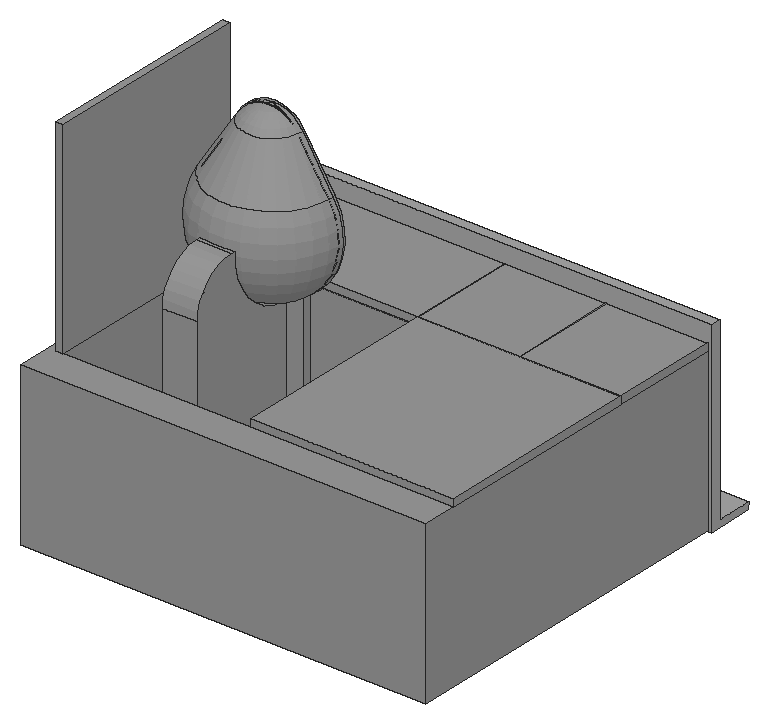
Revit family "Modular_Patient_Care_Unit-Willoughby-Patient_Care_Unit-WH-1750-L-SWO", category Plumbing Fixtures, Revit 2015
Parameters (values of type "Standard")
  Waste RAD [instance] = Waste DIA / 2  # 1 1/4"
  Waste DIA [instance] = 2 1/2"
  Waste Connection = yes
  Vent Connection = no
  URL = "https://www.willoughby-ind.com/wp-content/uploads/2018/01/WH-1750.pdf"
  Type Comments = ""
  Solid Polymer Finish [instance] = Polyethylene, High Density
  Stainless Steel = Stainless Steel AISI 304-Willoughby
  Revision = "A"
  Model = "WH-1750-L-SWO"
  Manufacturer = "Willoughby Industries"
  Lav Inlets RAD [instance] = Lav Inlets DIA / 2  # 1/4"
  Lav Inlets DIA [instance] = 1/2"
  Lav Drain DIA [instance] = 1"
  Lav Drain = "Waste"
  Lav DR-RAD [instance] = Lav Drain DIA / 2  # 1/2"
  HW Connection = yes
  Flush inlet RAD [instance] = Flush inlet DIA / 2  # 1/2"
  Flush inlet DIA [instance] = 1"
  Dialysis Drain DIA [instance] = 1 1/2"
  Dialysis Drain = yes
  Dialysis Box Inlets DIA [instance] = 1/2"
  Description = "Patient Care Unit"
  Default Elevation = 0' - 0"
  DB-RAD [instance] = Dialysis Box Inlets DIA / 2  # 1/4"
  D-Drain RAD [instance] = Dialysis Drain DIA / 2  # 3/4"
  Contact Number = "(800) 428-4065"
  CW Connection = yes
  Bed Pan Inlet RAD [instance] = Bed Pan Inlet DIA / 2  # 1/4"
  Bed Pan Inlet DIA [instance] = 1/2"
  Aquasurf Solid Surface = Solid Surface Acrylic Resin-Willoughby
Reference planes (in)
  plane 1 "Base": y = -16.25
  plane 2: z = 0
  plane 3 "SanitaryDischargeCenter": x = 18.31072
  plane 4: y = 23.75
  plane 5: z = 36.625
  plane 6: y = 0.72968
  plane 7 "Waste": y = -11
  plane 8 "D-HGT": y = 17.5
  plane 9 "Flush Inlet": y = 10.25
  plane 10 "D-Drain HT": y = 4.875
  plane 11 "Bed Pan Inlet": y = 10.8125
  plane 12: y = 9.25
  plane 13: y = 7
  plane 14 "Centerline": x = 26.99822
  plane 15: x = 24.49822
  plane 16: x = 20.49822
  plane 17: x = 14.74822
  plane 18: x = 43.87322
  plane 19: x = 42.68572
  plane 20: x = 39.81072
  plane 21: x = 36.31072
  plane 22: x = 5.81072
  plane 23: x = 27.06072
Forms (in)
  Extrusion 1, solid, material "Stainless Steel AISI 304-Willoughby" <- "Stainless Steel"
    sketch origin (16.08109, 9.45936, 3.7328) x (-1, 0, 0) y (0, 0, -1)
      loop
        line (1.29775, -16.80087) -> (1.29775, 0.9078) -> (-5.72963, 0.9078) -> (-5.72963, -16.81676)
        arc (-5.72963, -16.81676) -> (-8.98136, -21.11843) -> (-8.21015, -26.45542) r 7
        line (-8.21015, -26.45542) -> (-5.16818, -31.31054)
        arc (-5.16818, -31.31054) -> (-2.20225, -32.95225) -> (0.76368, -31.31054) r 3.5
        line (0.76368, -31.31054) -> (3.80565, -26.45542)
        arc (3.80565, -26.45542) -> (4.5729, -21.10311) -> (1.29775, -16.80087) r 7
      loop
        arc (2.03989, -24.70557) -> (-2.20225, -18.23804) -> (-6.44438, -24.70557) r 4.625
        line (-6.44438, -24.70557) -> (-4.04125, -30.23842)
        arc (-4.04125, -30.23842) -> (-2.20225, -31.45225) -> (-0.36324, -30.23842) r 2
        line (-0.36324, -30.23842) -> (2.03989, -24.70557)
    from 8.72968 to 9.47968
  Revolve 2, solid, material "Stainless Steel AISI 304-Willoughby" <- "Stainless Steel"
    sketch origin (19.37246, 0.45936, 6.93674) x (-1, 0, 0) y (0, 0, -1)
      loop
        line (1.06174, -12.65916) -> (1.06174, -12.84906)
        arc (1.06174, -12.84906) -> (6.96784, -16.33096) -> (6.78077, -23.18447) r 6.75
        line (6.78077, -23.18447) -> (3.81535, -27.91457)
        arc (3.81535, -27.91457) -> (2.63527, -29.03194) -> (1.06174, -29.43826) r 3.25
        line (1.06174, -29.43826) -> (1.06174, -29.74821)
        arc (1.06174, -29.74821) -> (2.77212, -29.31711) -> (4.05505, -28.10661) r 3.5
        line (4.05505, -28.10661) -> (7.09702, -23.25148)
        arc (7.09702, -23.25148) -> (7.17114, -16.1937) -> (1.06174, -12.65916) r 7
      axis (1.06174, -12.65916) -> (1.06174, -29.74821)
    angle from 0 to -180
  Extrusion 3, solid, material "Stainless Steel AISI 304-Willoughby" <- "Stainless Steel"
    sketch origin (19.53334, -1.02032, 5.9242) x (0, 1, 0) y (0, 0, 1)
      loop
        line (-5.48285, -3.0992) -> (1, -3.0992) -> (1, 13.76086)
        arc (1, 13.76086) -> (-3.3273, 15.60087) -> (-5.48285, 19.77995) r 6.92744
        line (-5.48285, 19.77995) -> (-5.48285, -3.0992)
    from 0.52738 to -2.97262
  Extrusion 4, solid, material "Stainless Steel AISI 304-Willoughby" <- "Stainless Steel"
    sketch origin (17.03334, 29.33792, 6.56919) x (0, 1, 0) y (0, 0, 1)
      loop
        line (-35.84109, -3.74419) -> (-35.84109, 20.30581) -> (-36.18717, 20.30581)
        arc (-36.18717, 20.30581) -> (-39.21058, 19.05347) -> (-40.46292, 16.03006) r 4.27575
        line (-40.46292, 16.03006) -> (-40.46292, -3.74419) -> (-35.84109, -3.74419)
    from -0.47262 to 3.02738
  Extrusion 5, solid, material "Solid Surface Acrylic Resin-Willoughby" <- "Aquasurf Solid Surface"
    sketch origin (36.62144, -16.25, 0) x (-1, 0, 0) y (0, 0, -1)
      loop
        line (30.81072, -0.75) -> (30.81072, 0) -> (-10.68928, 0) -> (-10.68928, -0.75) -> (30.81072, -0.75)
    from -40 to -35.375
  Extrusion 6, solid, material "Solid Surface Acrylic Resin-Willoughby" <- "Aquasurf Solid Surface"
    sketch origin (38.74644, -16.25, 0) x (-1, 0, 0) y (0, 0, -1)
      loop
        line (32.93572, 0) -> (-8.56428, 0) -> (-8.56428, -18.625) -> (32.93572, -18.625) -> (32.93572, 0)
    from -36.375 to -35.375
  Extrusion 7, solid, material "Stainless Steel AISI 304-Willoughby" <- "Stainless Steel"
    sketch origin (36.62144, -16.125, 0) x (-1, 0, 0) y (0, 0, -1)
      loop
        line (30.31072, 0) -> (-10.31428, 0) -> (-10.31428, -16.125) -> (30.31072, -16.125) -> (30.31072, 0)
    from -35.25 to 0
  Extrusion 8, void, detail levels fine
    sketch origin (36.62144, -16.25, 0) x (-1, 0, 0) y (0, 0, -1)
      loop
        line (29.56072, -16.125) -> (29.56072, -2.825) -> (-7.43928, -2.825) -> (-7.43928, -16.125) -> (29.56072, -16.125)
    from -3.625 to -24.5
  Extrusion 9, solid, material "Polyethylene, High Density" <- "Solid Polymer Finish"
    sketch origin (36.62144, -16.25, 0) x (-1, 0, 0) y (0, 0, -1)
      loop
        line (9.99822, -16.125) -> (-10.31428, -16.125) -> (-10.31428, -16.875) -> (9.99822, -16.875) -> (9.99822, -16.125)
    from -3.625 to -24.5
  Extrusion 10, solid, material "Polyethylene, High Density" <- "Solid Polymer Finish"
    sketch origin (36.62144, 4.625, 0) x (-1, 0, 0) y (0, 0, -1)
      loop
        line (-0.15803, -16.125) -> (-10.31428, -16.125) -> (-10.31428, -16.875) -> (-0.15803, -16.875) -> (-0.15803, -16.125)
    from -3.625 to -14.5
  Extrusion 11, solid, material "Polyethylene, High Density" <- "Solid Polymer Finish"
    sketch origin (9.71531, 4.625, 0) x (-1, 0, 0) y (0, 0, -1)
      loop
        line (3.4046, -16.125) -> (-16.9079, -16.125) -> (-16.9079, -16.875) -> (3.4046, -16.875) -> (3.4046, -16.125)
    from -3.625 to -14.5
  Extrusion 12, solid, material "Polyethylene, High Density" <- "Solid Polymer Finish"
    sketch origin (23.43419, 4.625, 0) x (-1, 0, 0) y (0, 0, -1)
      loop
        line (-3.18903, -16.125) -> (-13.34528, -16.125) -> (-13.34528, -16.875) -> (-3.18903, -16.875) -> (-3.18903, -16.125)
    from -3.625 to -14.5
  Extrusion 13, solid, material "Polyethylene, High Density" <- "Solid Polymer Finish"
    sketch origin (23.93572, -16.25, 26.12322) x (0, 0, -1) y (1, 0, 0)
      loop
        line (9.99822, -16.125) -> (-10.50178, -16.125) -> (-10.50178, -16.875) -> (9.99822, -16.875) -> (9.99822, -16.125)
    from -3.625 to -24.5
  Extrusion 14, void, detail levels fine
    sketch origin (36.62144, 19.75, 0) x (-1, 0, 0) y (0, 0, -1)
      loop
        arc (5.56072, -14.67585) -> (6.97493, -14.09007) -> (7.56072, -12.67585) r 2
        line (7.56072, -12.67585) -> (7.56072, -5.30085)
        arc (7.56072, -5.30085) -> (6.97493, -3.88664) -> (5.56072, -3.30085) r 2
        line (5.56072, -3.30085) -> (-4.68928, -3.30085)
        arc (-4.68928, -3.30085) -> (-6.10349, -3.88664) -> (-6.68928, -5.30085) r 2
        line (-6.68928, -5.30085) -> (-6.68928, -12.67585)
        arc (-6.68928, -12.67585) -> (-6.10349, -14.09007) -> (-4.68928, -14.67585) r 2
        line (-4.68928, -14.67585) -> (5.56072, -14.67585)
    from -0.375 to 8
  Extrusion 15, solid, material "Stainless Steel AISI 304-Willoughby" <- "Stainless Steel"
    sketch origin (36.62144, 0, 0) x (-1, 0, 0) y (0, -1, 0)
      loop
        circle (18.31072, 11) r 1.25
    from 0 to 2.825
  Extrusion 16, solid, material "Stainless Steel AISI 304-Willoughby" <- "Stainless Steel"
    sketch origin (38.20446, 1.46689, 0) x (-1, 0, 0) y (0, -1, 0)
      loop
        circle (13.70624, -16.03311) r 0.25
    from 0 to 0.486
  Extrusion 17, solid, material "Stainless Steel AISI 304-Willoughby" <- "Stainless Steel"
    sketch origin (33.77303, 1.29431, 0) x (-1, 0, 0) y (0, -1, 0)
      loop
        circle (13.27481, -16.20569) r 0.25
    from 0 to 0.486
  Extrusion 18, solid, material "Stainless Steel AISI 304-Willoughby" <- "Stainless Steel"
    sketch origin (37.05894, 0, 0) x (-1, 0, 0) y (0, -1, 0)
      loop
        circle (9.99822, -10.25) r 0.5
    from 0 to 1
  Extrusion 19, solid, material "Stainless Steel AISI 304-Willoughby" <- "Stainless Steel"
    sketch origin (36.99644, 0, 0) x (-1, 0, 0) y (0, -1, 0)
      loop
        circle (22.24822, -4.875) r 0.75
    from 0 to 1
  Extrusion 20, solid, material "Stainless Steel AISI 304-Willoughby" <- "Stainless Steel"
    sketch origin (36.99644, 0, 0) x (-1, 0, 0) y (0, -1, 0)
      loop
        circle (-6.87678, -10.8125) r 0.25
    from 0 to 1
  Extrusion 21, solid, material "Stainless Steel AISI 304-Willoughby" <- "Stainless Steel"
    sketch origin (36.99644, 0, 0) x (-1, 0, 0) y (0, -1, 0)
      loop
        circle (-5.68928, -9.25) r 0.25
    from 0 to 1
  Extrusion 22, solid, material "Stainless Steel AISI 304-Willoughby" <- "Stainless Steel"
    sketch origin (36.99644, 0, 0) x (-1, 0, 0) y (0, -1, 0)
      loop
        circle (-2.81428, -9.25) r 0.25
    from 0 to 1
  Extrusion 23, solid, material "Stainless Steel AISI 304-Willoughby" <- "Stainless Steel"
    sketch origin (36.99644, 0, 0) x (-1, 0, 0) y (0, -1, 0)
      loop
        circle (0.68572, -7) r 0.5
    from 0 to 1
Cuts and joins
  Extrusion 8 cuts Extrusion 9
  Extrusion 8 cuts Extrusion 10
  Extrusion 8 cuts Extrusion 11
  Extrusion 8 cuts Extrusion 12
  Extrusion 8 cuts Extrusion 13
  Extrusion 8 cuts Extrusion 15
  Extrusion 14 cuts Extrusion 6
  joined: Extrusion 5, Extrusion 6
  Extrusion 8, Extrusion 14 cuts Extrusion 7
  joined: Extrusion 3, Extrusion 4
Lines and regions (in)
  symbolic lines
    curve 1: line (47.31072, 19.125, 0) -> (5.81072, 19.125, 0)
    curve 2: line (5.81072, 19.125, 0) -> (5.81072, 23.75, 0)
    curve 3: line (5.81072, 23.75, 0) -> (47.31072, 23.75, 0)
    curve 4: line (47.31072, 23.75, 0) -> (47.31072, 19.125, 0)
    curve 6: line (46.93572, 19.125, 0) -> (46.93572, -16.125, 0)
    curve 7: line (46.93572, -16.125, 0) -> (6.31072, -16.125, 0)
    curve 8: line (6.31072, -16.125, 0) -> (6.31072, 19.125, 0)
    curve 25: line (5.81072, -16.25, 0) -> (47.31072, -16.25, 0)
    curve 26: line (47.31072, -16.25, 0) -> (47.31072, -16.25, 18.625)
    curve 27: line (47.31072, -16.25, 18.625) -> (5.81072, -16.25, 18.625)
    curve 28: line (5.81072, -16.25, 18.625) -> (5.81072, -16.25, 0)
    curve 51: line (18.31072, -16.125, 0) -> (18.31072, 19.125, 0)
    curve 52: line (18.31072, 19.125, 0) -> (18.31072, 19.125, 16.125)
    curve 53: line (18.31072, 19.125, 16.125) -> (18.31072, -16.125, 16.125)
    curve 54: line (18.31072, -16.125, 16.125) -> (18.31072, -16.125, 0)
  symbolic lines, detail levels medium+fine
    curve 5: line (47.31072, 20.125, 0) -> (5.81072, 20.125, 0)
    curve 9: line (46.93572, -12.625, 0) -> (7.06072, -12.625, 0)
    curve 10: line (7.06072, -12.625, 0) -> (7.06072, 8.25, 0)
    curve 11: line (7.81072, -12.625, 0) -> (7.81072, 8.25, 0)
    curve 12: line (26.62322, -12.625, 0) -> (26.62322, 8.25, 0)
    curve 13: line (44.06072, -12.625, 0) -> (44.06072, 8.25, 0)
    curve 14: line (6.31072, 8.25, 0) -> (46.93572, 8.25, 0)
    curve 15: line (26.62322, 8.25, 0) -> (26.62322, 19.125, 0)
    curve 29: line (5.81072, -16.25, 0.75) -> (47.31072, -16.25, 0.75)
    curve 30: line (7.06072, -16.25, 36.625) -> (7.06072, -16.25, 18.625)
    curve 31: line (7.81072, -16.25, 36.625) -> (7.81072, -16.25, 18.625)
    curve 32: line (7.81072, -16.25, 36.625) -> (7.06072, -16.25, 36.625)
    curve 33: line (15.31741, -16.25, 35.04335) -> (12.35249, -16.25, 30.31405)
    curve 36: line (21.24927, -16.25, 35.04335) -> (24.21419, -16.25, 30.31405)
    curve 37: line (21.81072, -16.25, 20.54956) -> (21.81072, -16.25, 18.625)
    curve 38: line (14.78334, -16.25, 20.53367) -> (14.78334, -16.25, 18.625)
    curve 43: arc (21.24927, -16.25, 35.04335) -> (18.28334, -16.25, 36.68453) -> (15.31741, -16.25, 35.04335) r 3.5006
    curve 44: arc (12.35249, -16.25, 30.31405) -> (18.28334, -16.25, 19.59585) -> (24.21419, -16.25, 30.31405) r 7
    curve 55: line (18.31072, 19.125, 0) -> (18.31072, 23.75, 0)
    curve 56: line (18.31072, 23.75, 0) -> (18.31072, 23.75, 0.75)
    curve 57: line (18.31072, 23.75, 0.75) -> (18.31072, 20.125, 0.75)
    curve 58: line (18.31072, 20.125, 0.75) -> (18.31072, 20.125, 18.625)
    curve 59: line (18.31072, 20.125, 18.625) -> (18.31072, 19.125, 18.625)
    curve 60: line (18.31072, 19.125, 18.625) -> (18.31072, 19.125, 16.125)
    curve 61: line (18.31072, 19.125, 16.875) -> (18.31072, 8.25, 16.875)
    curve 62: line (18.31072, 8.25, 16.125) -> (18.31072, 8.25, 36.625)
    curve 63: line (18.31072, 8.25, 36.625) -> (18.31072, -12.625, 36.625)
    curve 64: line (18.31072, -12.625, 36.625) -> (18.31072, -12.625, 16.125)
  symbolic lines, detail levels fine
    curve 16: line (11.28334, -0.02032, 0) -> (11.28334, 0.72968, 0)
    curve 17: line (11.28334, -0.02032, 0) -> (25.28334, -0.02032, 0)
    curve 18: line (25.28334, -0.02032, 0) -> (25.28334, 0.72968, 0)
    curve 19: arc (25.28334, -0.02032, 0) -> (23.10225, -4.67104, 0) -> (18.31072, -6.52239, 0) r 6.89362
    curve 20: arc (18.31072, -6.52239, 0) -> (13.51711, -4.65468, 0) -> (11.28334, -0.02032, 0) r 7.02188
    curve 21: line (20.05325, -6.322, 0) -> (20.05325, -11.14361, 0)
    curve 22: line (20.05325, -11.14361, 0) -> (16.55325, -11.14361, 0)
    curve 23: line (16.55325, -11.14361, 0) -> (16.55325, -6.3053, 0)
    curve 24: line (11.28334, 0.72968, 0) -> (25.28334, 0.72968, 0)
    curve 34: line (16.44433, -16.25, 33.97122) -> (14.0412, -16.25, 28.43837)
    curve 35: line (20.12234, -16.25, 33.97122) -> (22.52547, -16.25, 28.43837)
    curve 39: line (41.31072, -16.25, 14.67585) -> (31.06072, -16.25, 14.67585)
    curve 40: line (29.06072, -16.25, 12.67585) -> (29.06072, -16.25, 5.30085)
    curve 41: line (31.06072, -16.25, 3.30085) -> (41.31072, -16.25, 3.30085)
    curve 42: line (43.31072, -16.25, 5.30085) -> (43.31072, -16.25, 12.67585)
    curve 45: arc (22.52547, -16.25, 28.43837) -> (18.28334, -16.25, 21.97085) -> (14.0412, -16.25, 28.43837) r 4.625
    curve 46: arc (20.12234, -16.25, 33.97122) -> (18.28334, -16.25, 35.17745) -> (16.44433, -16.25, 33.97122) r 2.00498
    curve 47: arc (43.31072, -16.25, 12.67585) -> (42.72493, -16.25, 14.09007) -> (41.31072, -16.25, 14.67585) r 2
    curve 48: arc (31.06072, -16.25, 14.67585) -> (29.64651, -16.25, 14.09007) -> (29.06072, -16.25, 12.67585) r 2
    curve 49: arc (29.06072, -16.25, 5.30085) -> (29.64651, -16.25, 3.88664) -> (31.06072, -16.25, 3.30085) r 2
    curve 50: arc (41.31072, -16.25, 3.30085) -> (42.72493, -16.25, 3.88664) -> (43.31072, -16.25, 5.30085) r 2
Dimensions and locks (in)
  locked: plane 1 "Base" to plane 7 "Waste" at 5.25
  locked: plane 1 "Base" to plane 9 "Flush Inlet" at 26.5
  locked: plane 1 "Base" to plane 10 "D-Drain HT" at 21.125
  locked: plane 11 "Bed Pan Inlet" to plane 1 "Base" at 27.0625
  locked: plane 1 "Base" to plane 12 at 25.5
  locked: plane 1 "Base" to plane 13 at 23.25
  locked: plane 14 "Centerline" to plane 15 at 2.5
  locked: plane 14 "Centerline" to plane 16 at 6.5
  locked: plane 18 to plane 14 "Centerline" at 16.875
  locked: plane 21 to plane 14 "Centerline" at 9.3125
  locked: plane 1 "Base" to plane 8 "D-HGT" at 33.75
  plane 14 "Centerline" to connector elem = 1' - 0 13/16"
  plane 14 "Centerline" to connector elem = 1' - 3 11/16"
  connector elem to plane 14 "Centerline" = 1' - 0 1/4"
  connector elem to plane 14 "Centerline" = 0' - 8 11/16"
  plane 14 "Centerline" to connector elem = 0' - 0 1/16"
  locked: level to cut or joined group of Extrusion 5, Extrusion 6, Extrusion 14 at 0.75
  locked: cut or joined group of Extrusion 5, Extrusion 6, Extrusion 14 to cut or joined group of Extrusion 5, Extrusion 6, Extrusion 14 at 41.5
  locked: plane 3 "SanitaryDischargeCenter" to cut or joined group of Extrusion 5, Extrusion 6, Extrusion 14 at 12.5
  locked: level to cut or joined group of Extrusion 5, Extrusion 6, Extrusion 14 at 18.625
  locked: level to cut or joined group of Extrusion 7, Extrusion 8, Extrusion 14 at 16.125
  locked: cut or joined group of Extrusion 7, Extrusion 8, Extrusion 14 to cut or joined group of Extrusion 7, Extrusion 8, Extrusion 14 at 40.625
  locked: plane 3 "SanitaryDischargeCenter" to cut or joined group of Extrusion 7, Extrusion 8, Extrusion 14 at 12
  locked: cut or joined group of Extrusion 5, Extrusion 6, Extrusion 14 to cut or joined group of Extrusion 5, Extrusion 6, Extrusion 14 at 3.30085
  locked: cut or joined group of Extrusion 5, Extrusion 6, Extrusion 14 to cut or joined group of Extrusion 5, Extrusion 6, Extrusion 14 at 11.375
  locked: cut or joined group of Extrusion 5, Extrusion 6, Extrusion 14 to cut or joined group of Extrusion 5, Extrusion 6, Extrusion 14 at 4
  locked: cut or joined group of Extrusion 5, Extrusion 6, Extrusion 14 to cut or joined group of Extrusion 5, Extrusion 6, Extrusion 14 at 14.25
  locked: cut or joined group of Extrusion 5, Extrusion 6, Extrusion 14 to cut or joined group of Extrusion 8, Extrusion 13 at 1.25
  locked: cut or joined group of Extrusion 8, Extrusion 13 to cut or joined group of Extrusion 8, Extrusion 13 at 0.75
  locked: level to cut or joined group of Extrusion 8, Extrusion 13 at 36.625
  locked: Extrusion 1 sketch curve to plane 22 at 12.47262  (x2)
  locked: cut or joined group of Extrusion 5, Extrusion 6, Extrusion 14 to Extrusion 1 sketch curve at 12.47262
  Extrusion 1 sketch curve to plane 22 = 1' - 0.47262"
  locked: level to Extrusion 1 sketch curve at 26.59585  (x2)
  locked: level to Extrusion 1 sketch curve at 33.18505  (x2)
  locked: Extrusion 1 sketch curve to Extrusion 1 sketch curve at 7.02738
  locked: Extrusion 1 sketch curve to plane 3 "SanitaryDischargeCenter" at 3.5
  locked: Extrusion 1 to Extrusion 3 sketch curve at 6.48285
  locked: cut or joined group of Extrusion 7, Extrusion 8, Extrusion 14 to Extrusion 3 sketch curve at 16.86005
  locked: cut or joined group of Extrusion 3, Extrusion 4 to plane 1 "Base" at 5.125  (x2)
  locked: Extrusion 4 sketch curve to level at 26.875
  locked: cut or joined group of Extrusion 8, Extrusion 10 to cut or joined group of Extrusion 8, Extrusion 12 at 20.3125
  locked: cut or joined group of Extrusion 7, Extrusion 8, Extrusion 14 to cut or joined group of Extrusion 8, Extrusion 12 at 0.75
  locked: cut or joined group of Extrusion 7, Extrusion 8, Extrusion 14 to cut or joined group of Extrusion 8, Extrusion 11 at 0.75
  cut or joined group of Extrusion 8, Extrusion 11 to cut or joined group of Extrusion 8, Extrusion 12 = 1' - 8 5/16"
  cut or joined group of Extrusion 8, Extrusion 12 to cut or joined group of Extrusion 8, Extrusion 12 = 0' - 10 5/32"
  locked: cut or joined group of Extrusion 8, Extrusion 13 to level at 36.625
  locked: cut or joined group of Extrusion 7, Extrusion 8, Extrusion 14 to level at 16.125
  cut or joined group of Extrusion 5, Extrusion 6, Extrusion 14 to level = 1' - 6 5/8"
  locked: cut or joined group of Extrusion 8, Extrusion 9 to level at 16.875
  locked: cut or joined group of Extrusion 5, Extrusion 6, Extrusion 14 to level at 0.75
  locked: cut or joined group of Extrusion 5, Extrusion 6, Extrusion 14 to plane 1 "Base" at 40
  locked: cut or joined group of Extrusion 5, Extrusion 6, Extrusion 14 to cut or joined group of Extrusion 5, Extrusion 6, Extrusion 14 at 3.625
  locked: cut or joined group of Extrusion 5, Extrusion 6, Extrusion 14 to cut or joined group of Extrusion 5, Extrusion 6, Extrusion 14 at 1
  locked: cut or joined group of Extrusion 8, Extrusion 13 to cut or joined group of Extrusion 8, Extrusion 13 at 20.875
  locked: cut or joined group of Extrusion 8, Extrusion 13 to plane 1 "Base" at 3.625
  locked: cut or joined group of Extrusion 3, Extrusion 4 to level at 26.875
  locked: Extrusion 1 to Extrusion 1 at 0.75
  locked: cut or joined group of Extrusion 8, Extrusion 12 to cut or joined group of Extrusion 8, Extrusion 11 at 10.15625
  radius of cut or joined group of Extrusion 5, Extrusion 6, Extrusion 14 = 0' - 2"  (x3)
  radius of cut or joined group of Extrusion 3, Extrusion 4 = 0' - 6.92744"
  radius of cut or joined group of Extrusion 3, Extrusion 4 = 0' - 4.27575"
  radius of Extrusion 1 = 0' - 7"
  radius of Revolve 2 sketch curve = 0' - 6 3/4"
  radius of Revolve 2 sketch curve = 0' - 3 1/4"
  radius of Extrusion 1 = 0' - 3 1/2"
  aligned and locked: Extrusion 6 to Extrusion 14
  aligned and locked: Extrusion 12 to cut or joined group of Extrusion 8, Extrusion 11
  aligned and locked: level to cut or joined group of Extrusion 5, Extrusion 6, Extrusion 14
  aligned and locked: cut or joined group of Extrusion 5, Extrusion 6, Extrusion 14 to plane 22
  aligned and locked: cut or joined group of Extrusion 7, Extrusion 8, Extrusion 14 to cut or joined group of Extrusion 5, Extrusion 6, Extrusion 14  (x4)
  aligned and locked: plane 5 to cut or joined group of Extrusion 8, Extrusion 13
  aligned and locked: plane 4 to cut or joined group of Extrusion 5, Extrusion 6, Extrusion 14
  aligned and locked: cut or joined group of Extrusion 5, Extrusion 6, Extrusion 14 to cut or joined group of Extrusion 5, Extrusion 6, Extrusion 14  (x2)
  aligned and locked: cut or joined group of Extrusion 8, Extrusion 12 to cut or joined group of Extrusion 8, Extrusion 11
  aligned and locked: Extrusion 1 to cut or joined group of Extrusion 3, Extrusion 4
  aligned and locked: connector elem to plane 17
  aligned: connector elem to plane 16  (x2)
  aligned: cut or joined group of Extrusion 8, Extrusion 12 to plane 15
  aligned: connector elem to plane 21  (x2)
  aligned: connector elem to plane 20
  aligned and locked: connector elem to plane 19
  aligned: connector elem to plane 18  (x2)
  aligned: connector elem to plane 15
  aligned and locked: connector elem to plane 20
  aligned and locked: connector elem to plane 23
  aligned and locked: plane 22 to Extrusion 5 sketch curve
  aligned and locked: level to Extrusion 5 sketch curve
  aligned and locked: Extrusion 5 sketch curve to cut or joined group of Extrusion 5, Extrusion 6, Extrusion 14  (x2)
  aligned and locked: Extrusion 6 sketch curve to plane 22
  aligned and locked: Extrusion 6 sketch curve to level
  aligned and locked: Extrusion 7 sketch curve to cut or joined group of Extrusion 5, Extrusion 6, Extrusion 14
  aligned and locked: plane 5 to Extrusion 13 sketch curve  (x3)
  aligned and locked: Extrusion 13 sketch curve to cut or joined group of Extrusion 7, Extrusion 8, Extrusion 14
  aligned and locked: Extrusion 1 sketch curve to cut or joined group of Extrusion 7, Extrusion 8, Extrusion 14
  aligned and locked: Extrusion 3 sketch curve to cut or joined group of Extrusion 7, Extrusion 8, Extrusion 14
  aligned and locked: Extrusion 3 sketch curve to Extrusion 1
  aligned and locked: Extrusion 4 sketch curve to cut or joined group of Extrusion 7, Extrusion 8, Extrusion 14
  aligned and locked: Revolve 2 sketch curve to Extrusion 1  (x3)
  aligned and locked: cut or joined group of Extrusion 7, Extrusion 8, Extrusion 14 to Extrusion 13 sketch curve  (x3)
  aligned and locked: Extrusion 9 sketch curve to cut or joined group of Extrusion 7, Extrusion 8, Extrusion 14  (x2)
  aligned and locked: cut or joined group of Extrusion 8, Extrusion 11 to Extrusion 9 sketch curve
  aligned and locked: Extrusion 11 sketch curve to cut or joined group of Extrusion 7, Extrusion 8, Extrusion 14
  aligned: cut or joined group of Extrusion 7, Extrusion 8, Extrusion 14 to Extrusion 11 sketch curve
  aligned and locked: Extrusion 12 sketch curve to cut or joined group of Extrusion 7, Extrusion 8, Extrusion 14
  aligned: Extrusion 10 sketch curve to cut or joined group of Extrusion 7, Extrusion 8, Extrusion 14
  aligned and locked: Extrusion 10 sketch curve to cut or joined group of Extrusion 7, Extrusion 8, Extrusion 14
  aligned and locked: cut or joined group of Extrusion 7, Extrusion 8, Extrusion 14 to level
  aligned and locked: cut or joined group of Extrusion 8, Extrusion 10 to cut or joined group of Extrusion 8, Extrusion 11
  aligned and locked: cut or joined group of Extrusion 8, Extrusion 13 to cut or joined group of Extrusion 8, Extrusion 13  (x2)
  aligned and locked: cut or joined group of Extrusion 8, Extrusion 13 to plane 5
  aligned and locked: cut or joined group of Extrusion 7, Extrusion 8, Extrusion 14 to Extrusion 11 sketch curve
  aligned and locked: Extrusion 12 sketch curve to cut or joined group of Extrusion 8, Extrusion 11
Connectors (in)
  piping at (18.31072, -11, 0), diameter 2.5, driven by "Waste RAD", driven by "Waste Connection"
    settings: on Extrusion 15, index 10, connector inside diameter 2 1/2", connector length 0' - 0", flow factor 0, pipe flow 0 GPM, pressure drop 0.00 psi, fitting loss kfactor 0, connector angle 0.00°, fixture units 0, engagement length 0' - 0", angle of deflection 0.00°, flow configuration 0, flow direction 2, fitting loss method 0, system type 16, joint type 0, gender type 0, connector reference index -1, connector utility 1, adjustable connector yes, is connector primary yes, connector description "Toilet Waste"
  piping at (20.49822, 17.5, 0), diameter 0.5, driven by "DB-RAD", driven by "HW Connection"
    settings: on Extrusion 17, index 11, connector inside diameter 1/2", connector length 0' - 0", flow factor 0, pipe flow 0 GPM, pressure drop 0.00 psi, fitting loss kfactor 0, connector angle 0.00°, fixture units 0, engagement length 0' - 0", angle of deflection 0.00°, flow configuration 0, flow direction 1, fitting loss method 0, system type 19, joint type 0, gender type 0, connector reference index -1, connector utility 1, adjustable connector no, is connector primary no, connector description "Dialysis Hot Inlet"
  piping at (24.49822, 17.5, 0), diameter 0.5, driven by "DB-RAD", driven by "HW Connection"
    settings: on Extrusion 16, index 12, connector inside diameter 1/2", connector length 0' - 0", flow factor 0, pipe flow 0 GPM, pressure drop 0.00 psi, fitting loss kfactor 0, connector angle 0.00°, fixture units 0, engagement length 0' - 0", angle of deflection 0.00°, flow configuration 0, flow direction 1, fitting loss method 0, system type 20, joint type 0, gender type 0, connector reference index -1, connector utility 1, adjustable connector no, is connector primary no, connector description "Dialysis Cold INlet"
  piping at (27.06072, 10.25, 0), diameter 1, driven by "Flush inlet RAD", driven by "CW Connection"
    settings: on Extrusion 18, index 13, connector inside diameter 1", connector length 0' - 0", flow factor 0, pipe flow 0 GPM, pressure drop 0.00 psi, fitting loss kfactor 0, connector angle 0.00°, fixture units 0, engagement length 0' - 0", angle of deflection 0.00°, flow configuration 0, flow direction 1, fitting loss method 0, system type 20, joint type 0, gender type 0, connector reference index -1, connector utility 1, adjustable connector no, is connector primary no, connector description "Flush Inlet"
  piping at (14.74822, 4.875, 0), diameter 1.5, driven by "D-Drain RAD", driven by "Waste Connection"
    settings: on Extrusion 19, index 14, connector inside diameter 1 1/2", connector length 0' - 0", flow factor 0, pipe flow 0 GPM, pressure drop 0.00 psi, fitting loss kfactor 0, connector angle 0.00°, fixture units 0, engagement length 0' - 0", angle of deflection 0.00°, flow configuration 0, flow direction 2, fitting loss method 0, system type 16, joint type 0, gender type 0, connector reference index -1, connector utility 1, adjustable connector yes, is connector primary no, connector description "Waste"
  piping at (43.87322, 10.8125, 0), diameter 0.5, driven by "Bed Pan Inlet RAD", driven by "CW Connection"
    settings: on Extrusion 20, index 15, connector inside diameter 1/2", connector length 0' - 0", flow factor 0, pipe flow 0 GPM, pressure drop 0.00 psi, fitting loss kfactor 0, connector angle 0.00°, fixture units 0, engagement length 0' - 0", angle of deflection 0.00°, flow configuration 0, flow direction 1, fitting loss method 0, system type 20, joint type 0, gender type 0, connector reference index -1, connector utility 1, adjustable connector no, is connector primary no, connector description "Bedpan Inlet"
  piping at (42.68572, 9.25, 0), diameter 0.5, driven by "Lav Inlets RAD", driven by "CW Connection"
    settings: on Extrusion 21, index 16, connector inside diameter 1/2", connector length 0' - 0", flow factor 0, pipe flow 0 GPM, pressure drop 0.00 psi, fitting loss kfactor 0, connector angle 0.00°, fixture units 0, engagement length 0' - 0", angle of deflection 0.00°, flow configuration 0, flow direction 1, fitting loss method 0, system type 20, joint type 0, gender type 0, connector reference index -1, connector utility 1, adjustable connector no, is connector primary no, connector description "Lav Cold Inlet"
  piping at (39.81072, 9.25, 0), diameter 0.5, driven by "Lav Inlets RAD", driven by "HW Connection"
    settings: on Extrusion 22, index 17, connector inside diameter 1/2", connector length 0' - 0", flow factor 0, pipe flow 0 GPM, pressure drop 0.00 psi, fitting loss kfactor 0, connector angle 0.00°, fixture units 0, engagement length 0' - 0", angle of deflection 0.00°, flow configuration 0, flow direction 1, fitting loss method 0, system type 19, joint type 0, gender type 0, connector reference index -1, connector utility 1, adjustable connector no, is connector primary no, connector description "Dialysis Hot Inlet"
  piping at (36.31072, 7, 0), diameter 1, driven by "Lav DR-RAD", driven by "Waste Connection"
    settings: on Extrusion 23, index 18, connector inside diameter 1", connector length 0' - 0", flow factor 0, pipe flow 0 GPM, pressure drop 0.00 psi, fitting loss kfactor 0, connector angle 0.00°, fixture units 0, engagement length 0' - 0", angle of deflection 0.00°, flow configuration 0, flow direction 2, fitting loss method 0, system type 16, joint type 0, gender type 0, connector reference index -1, connector utility 1, adjustable connector yes, is connector primary no, connector description "Sink Drain Waste"
